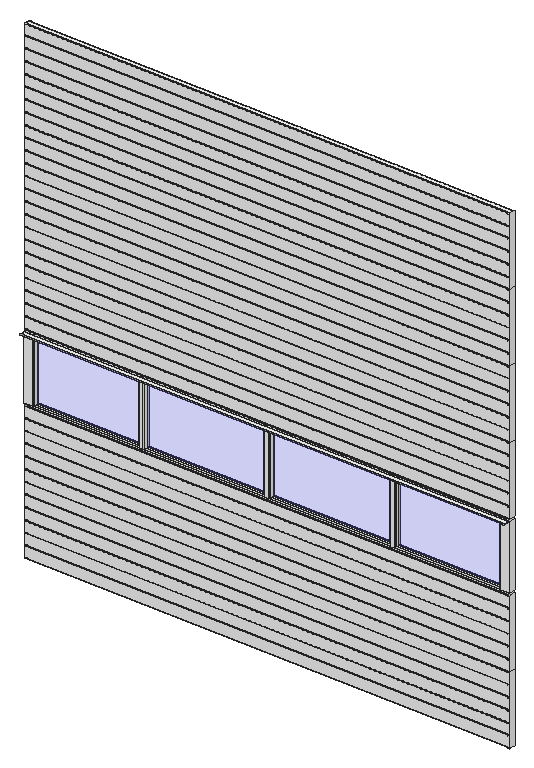
Revit family
Parameters (values of type "By Type")
  Windload = "Doors available rated for various design pressures; consult Clopay for avaialbility and specifications"
  VisSection6 = NumSections = 6  # no
  VisSection5 = NumSections > 4  # yes
  VisSection4 = NumSections > 3  # yes
  VisSection3 = NumSections > 2  # yes
  VisArray = NumSections > 6  # yes
  URL = "www.clopaydoor.com"
  Track = "Galvanized steel (gauge varies according to door size)"
  Thickness = 0' - 2"  # constant formula
  Spec Wizard = "http://www.arcat.com/specwizard/08360clo/index.htm"
  Section Height = Height / NumSections  # 2' - 0"
  Section 5 Glazing = Section : Solid
  Section 4 Glazing = Section : Solid
  Section 3 Glazing = Full Vision Section : Intermediate
  Sales Information = "http://www.clopaydoor.com/where-to-buy.aspx?type=dealer"
  Rough Width = 0' - 0"  # constant formula
  Rough Height = 0' - 0"  # constant formula
  R-Value = "15.05"
  Product Features and Benefits = "http://www.clopaydoor.com/insulated-polyurethane-applications.aspx"
  Overlapping Jamb = yes
  Overlap = if(Overlapping Jamb, 0' 1", 0' 0")  # 0' - 1"
  Opening Width = 14' - 0"
  Opening Height = 14' - 0"
  Omniclass Table = "23-30 10 17 37 "
  NumSectionsNotRounded = Height / 2' 0"  # 7
  NumSections = NumSectionsNotRounded + 0.4999  # 7
  NumArraySections = if(NumSections > 6, NumSections - 5, 2)  # 2
  Model = "3718"
  Maximum Size = "Maximum 32' 2'' wide by 26' 0'' high. Additional limitations may apply do to door weight. Consult Clopay for specificiations and shop drawings."  # constant formula
  Manufacturer Website = "http://www.clopaydoor.com"
  Manufacturer Phone Number = "1-800-526-4301"
  Manufacturer Address = "1400 W. Market St., Troy, OH 45373"
  Manufacturer = "Clopay Building Products Company"
  LEED = "http://products.construction.com/swts_content_files/151607/303186.pdf"
  Keynote = "08 36 13"
  Interior Steel = "28 ga. galvanized, primed, and finish painted"
  Hardware = "14 ga. min. steel hinges; 10-ball steel rollers"
  GreenFormat = "http://www.greenformat.com/products/1536-Polyurethane%20Insulated%20Doors.rtf"
  Function = (empty or 0)
  Height = Opening Height + Rough Width * 0  # 14' - 0"
  Wall Closure = (empty or 0)
  Width = Opening Width + Rough Width * 0  # 14' - 0"
  FloorToSection7 = 6 * Section Height  # 12' - 0"
  FloorToSection6 = 5 * Section Height  # 10' - 0"
  FloorToSection5 = 4 * Section Height  # 8' - 0"
  FloorToSection4 = 3 * Section Height  # 6' - 0"
  FloorToSection3 = 2 * Section Height  # 4' - 0"
  FloorToSection2 = Section Height  # 2' - 0"
  File Revision = "02 (August, 2012)"
  Exterior Steel = "27 ga. galvanized, primed, and finish painted"
  Double End Stiles = Door Width > 14' 2"  # no
  Door Width = Opening Width + Overlap * 2  # 14' - 2"
  Door Height = Opening Height + Rough Width * 0  # 14' - 0"
  Description = "1-3/4'' thick polyurethane insulated, stucco embossed 20 gauge steel flush exterior."
  Core Material = "Expanded polyurethane"
  Copyright = "2010, Clopay Building Products Company, Inc."
  Color = White
  CAD and Specifications = "http://www.clopaydoor.com/insulated-polyurethane-specs.aspx"
  Assembly Code = "B2030410"
Reference planes (in)
  plane 1 "Center (Front/Back)": y = 0
  plane 2 "Center (Left/Right)": x = 0
  plane 3 "Left": x = -84
  plane 4 "Right": x = 84
  plane 5 "Top": z = 168
  plane 6 "Exterior": y = 3
  plane 7 "Interior": y = -3
  plane 8: z = 120
  plane 9: z = 144
Lines and regions (in)
  Opening 1
    outline origin (-90, -3, 0) x (1, 0, 0) y (0, 0, 1)
      loop
        line (6, 0) -> (174, 0) -> (174, 168) -> (6, 168) -> (6, 0)
Text (in)
  text "Exterior" at (-74.96733, 27.31104, 0), in view "Ref. Level"
  text "Interior" at (-74.96733, -25.14366, 0), in view "Ref. Level"
  text "Exterior" at (0, 40.15149, 123.01588), in view "Right"
  text "Interior" at (0, -64.39139, 123.01588), in view "Right"
  text "Interior" at (0, -31.01599, 123.00693), in view "Left"
  text "Exterior" at (0, 54.57065, 123.00693), in view "Left"
Dimensions and locks (in)
  equal spacing: plane 3 "Left", plane 2 "Center (Left/Right)", plane 4 "Right"
  "Height": level to plane 5 "Top"
  "Width": plane 3 "Left" to plane 4 "Right"
  host wall to plane 5 "Top" = 14' - 0"
  nested 1 to plane 7 "Interior" = 0' - 0 1/2"
  "FloorToSection6": plane 8 to level
  "FloorToSection7": plane 9 to level
  group 1 to group 2 = 0' - 0"  (x2)
  group 1 to group 2 = 2' - 0"
  host wall to host wall = 67' - 6"
  aligned and locked: plane 3 "Left" to Opening 1 sketch curve
  aligned and locked: plane 5 "Top" to Opening 1 sketch curve
  aligned and locked: Opening 1 sketch curve to plane 5 "Top"
  aligned and locked: Opening 1 sketch curve to plane 4 "Right"
  aligned and locked: Opening 1 sketch curve to level
  aligned and locked: plane 6 "Exterior" to host wall
  aligned and locked: host wall to plane 7 "Interior"
  aligned and locked: plane 2 "Center (Left/Right)" to nested 2
  aligned and locked: plane 2 "Center (Left/Right)" to nested 3
  aligned and locked: plane 2 "Center (Left/Right)" to nested 4
  aligned and locked: plane 2 "Center (Left/Right)" to nested 5
  aligned and locked: plane 2 "Center (Left/Right)" to nested 7
  aligned and locked: nested 7 to plane 8
  aligned and locked: nested 8 to plane 9
  aligned and locked: plane 7 "Interior" to nested 2
  aligned and locked: plane 7 "Interior" to nested 7
  aligned and locked: host wall to nested 8
  aligned and locked: plane 7 "Interior" to nested 3
  aligned and locked: host wall to nested 3
  aligned and locked: plane 7 "Interior" to nested 1
  aligned and locked: nested 2 to host wall
  aligned and locked: plane 7 "Interior" to nested 6
  aligned and locked: plane 7 "Interior" to nested 5
  aligned and locked: host wall to nested 7
  aligned and locked: plane 7 "Interior" to nested 4
Nested families (in)
  nested 1: "Section" at (0, 0, 0), type "Solid"
  nested 2: "Section" at (0, 0, 24), built-in parameter 1001364 <- "Section Height", type "Solid"
  nested 3: "Full Vision Section" at (0, 0, 48), type <- "Section 3 Glazing", built-in parameter 1001364 <- "FloorToSection3", visible <- "VisSection3", type "Intermediate"
    with SingleStileVis no, Rail Width 14' - 1 13/16", NumIntStiles 3, Half Rail Width 7' - 0 29/32", Half Door Width 7' - 1", Glass Width 14' - 0 13/16", Edge to 1st Int Stile 3' - 5", Door Width 14' - 2", ArrayStileVis yes, ArrayIntStiles 3
  nested 4: "Section" at (0, 0, 120), built-in parameter 1001364 <- "FloorToSection6", visible <- "VisSection6", type "Solid"
  nested 5: "Section" at (0, 0, 96), built-in parameter 1001364 <- "FloorToSection5", type <- "Section 5 Glazing", visible <- "VisSection5", type "Solid"
  nested 6: "Section" at (0, 0, 72), type <- "Section 4 Glazing", built-in parameter 1001364 <- "FloorToSection4", visible <- "VisSection4", type "Solid"
  nested 7: "Section" at (0, 0, 120), visible <- "VisArray", type "Solid"
  nested 8: "Section" at (0, 0, 144), visible <- "VisArray", type "Solid"
  nested 9: "Section" at (0, 4.67704, 636.93806), type "Windows - 24x8", not visible
  nested 10: "Section" at (0, 4.63986, 609.3176), type "Windows - 24x12", not visible
Definition of nested family "Section"
  Parameters (values of type "Windows - 24x12")
    X9 = if(if(NumArrayedWindows < NumWindows, NumArrayedWindows + 1, NumWindows) < 9, X1, X8 + WindowSpacing)  # 0' - 7 1/2"
    X8 = if(if(NumArrayedWindows < NumWindows, NumArrayedWindows + 1, NumWindows) < 8, X1, X7 + WindowSpacing)  # 0' - 7 1/2"
    X7 = if(if(NumArrayedWindows < NumWindows, NumArrayedWindows + 1, NumWindows) < 7, X1, X6 + WindowSpacing)  # 0' - 7 1/2"
    X6 = if(if(NumArrayedWindows < NumWindows, NumArrayedWindows + 1, NumWindows) < 6, X1, X5 + WindowSpacing)  # 0' - 7 1/2"
    X5 = if(if(NumArrayedWindows < NumWindows, NumArrayedWindows + 1, NumWindows) < 5, X1, X4 + WindowSpacing)  # 0' - 7 1/2"
    X4 = if(if(NumArrayedWindows < NumWindows, NumArrayedWindows + 1, NumWindows) < 4, X1, X3 + WindowSpacing)  # 11' - 7 1/2"
    X3 = if(NumWindows < 3, X1, X2 + WindowSpacing)  # 7' - 11 1/2"
    X2 = if(NumWindows < 2, ((Door Width - (NumWindows - 1) * WindowSpacing) / 2 - Cutout Width / 2), ((Door Width - (NumWindows - 1) * WindowSpacing) / 2 - Cutout Width / 2) + WindowSpacing)  # 4' - 3 1/2"
    Windows = 37xx Window Array : 24x12
    WindowVis = yes
    WindowSpacing = if(and(Door Width < 10' 0", Door Width > 9' 2"), 3' 4", 3' 8")  # 3' - 8"
    WindowCutDepth = 0' - 2"
    Section Height = 2' - 0"
    RibSpacing = Section Height / (NumRibs + 1)  # 0' - 4"
    NumWindows = if(Door Width < 9' 4", 2, if(Door Width < 13' 4", 3, if(Door Width < 16' 4", 4, if(Door Width < 20' 4", 5, if(Door Width < 24' 4", 6, if(Door Width < 26' 4", 7, if(Door Width < 31' 8", 8, 10)))))))  # 4
    NumRibs = if(Section Height < 1' 9", 3, if(Section Height < 2' 0", 4, 5))  # 5
    NumArrayedWindows = if(X2 = X1, NumWindows - 2, NumWindows)  # 4
    Half Section Height = Section Height / 2  # 1' - 0"
    Half Door Width Neg = -Half Door Width  # -7' - 1"
    Half Door Width = Door Width / 2  # 7' - 1"
    Half Cutout Height = Cutout Height / 2  # 0' - 5 1/2"
    Function = (empty or 0)
    Height = 0' - 0"
    Wall Closure = (empty or 0)
    Width = 0' - 0"
    X1 = if(or(Door Width > 31' 6", and(Door Width > 26' 2", Door Width < 28' 1"), Door Width = 24' 3", Door Width = 24' 4", and(Door Width > 20' 2", Door Width < 20' 11"), and(Door Width > 16' 2", Door Width < 17' 3")), X2, (Door Width - (NumWindows - 1) * WindowSpacing) / 2 - Cutout Width / 2)  # 0' - 7 1/2"
    Door Width = 14' - 2"
    CutoutToCutout = 1' - 0"
    Cutout Width = 1' - 11"
    Cutout Height = 0' - 11"
    Color = White
    BtmTo1stRib = RibSpacing  # 0' - 4"
    Assembly Code = ""
  Types (3): name | Windows | WindowVis | WindowCutDepth | Half Cutout Height | Cutout Height
    Windows - 24x12 | 37xx Window Array : 24x12 | yes | 0' - 2" | 0' - 5 1/2" | 0' - 11"
    Windows - 24x8 | 37xx Window Array : 24x8 | yes | 0' - 2" | 0' - 3 1/2" | 0' - 7"
    Solid | 37xx Window Array : 24x8 | no | -0' - 0 13/128" | 0' - 3 1/2" | 0' - 7"
  Reference planes (in)
    plane 1 "Center (Front/Back)": y = 0
    plane 2 "Center (Left/Right)": x = 0
    plane 3 "Exterior": y = 3
    plane 4 "Interior": y = -3
    plane 5: y = -3.5
    plane 6: x = 85
    plane 7: x = -85
    plane 8: z = 4
    plane 9: z = 8
    plane 10: z = 24
    plane 11: z = 12
    plane 12: z = 0
  Forms (in)
    Extrusion 1, solid, material "White" <- "Color"
      sketch origin (-85, -12, 83.08252) x (0, 0, 1) y (0, -1, 0)
        loop
          line (-59.08252, -8.37573) -> (-59.08252, -6.62444)
          arc (-59.08252, -6.62444) -> (-59.11897, -6.53645) -> (-59.20696, -6.5) r 0.12444
          line (-59.20696, -6.5) -> (-82.95809, -6.5)
          arc (-82.95809, -6.5) -> (-83.04608, -6.53645) -> (-83.08252, -6.62444) r 0.12444
          line (-83.08252, -6.62444) -> (-83.08252, -8.37573)
          arc (-83.08252, -8.37573) -> (-83.04612, -8.4636) -> (-82.95825, -8.5) r 0.12427
          line (-82.95825, -8.5) -> (-59.20679, -8.5)
          arc (-59.20679, -8.5) -> (-59.11892, -8.4636) -> (-59.08252, -8.37573) r 0.12427
      from 0 to 170 <- "Door Width"
    Extrusion 2, void
      sketch origin (0, -8.99984, -0.5) x (0, 1, 0) y (0, 0, -1)
        loop
          line (3.5, -4.62727) -> (3.53032, -4.58058)
          arc (3.53032, -4.58058) -> (3.53753, -4.56494) -> (3.54, -4.5479) r 0.06
          line (3.54, -4.5479) -> (3.54, -4.4521)
          arc (3.54, -4.4521) -> (3.53753, -4.43506) -> (3.53032, -4.41942) r 0.06
          line (3.53032, -4.41942) -> (3.5, -4.37273) -> (3.5, -4.62727)
      from -85 <- "Half Door Width Neg" to 170 <- "Door Width"
    Extrusion 3, void
      sketch origin (0, -8.99984, 3.5) x (0, 1, 0) y (0, 0, -1)
        loop
          line (3.5, -4.62727) -> (3.53032, -4.58058)
          arc (3.53032, -4.58058) -> (3.53753, -4.56494) -> (3.54, -4.5479) r 0.06
          line (3.54, -4.5479) -> (3.54, -4.4521)
          arc (3.54, -4.4521) -> (3.53753, -4.43506) -> (3.53032, -4.41942) r 0.06
          line (3.53032, -4.41942) -> (3.5, -4.37273) -> (3.5, -4.62727)
      from -85 <- "Half Door Width Neg" to 170 <- "Door Width"
    Extrusion 4, void
      sketch origin (0, -8.99984, 7.5) x (0, 1, 0) y (0, 0, -1)
        loop
          line (3.5, -4.62727) -> (3.53032, -4.58058)
          arc (3.53032, -4.58058) -> (3.53753, -4.56494) -> (3.54, -4.5479) r 0.06
          line (3.54, -4.5479) -> (3.54, -4.4521)
          arc (3.54, -4.4521) -> (3.53753, -4.43506) -> (3.53032, -4.41942) r 0.06
          line (3.53032, -4.41942) -> (3.5, -4.37273) -> (3.5, -4.62727)
      from -85 <- "Half Door Width Neg" to 170 <- "Door Width"
    Extrusion 5, void
      sketch origin (-98.15385, -3.5, 48) x (1, 0, 0) y (0, 0, 1)
        loop
          line (175.65385, -30.5) -> (152.65385, -30.5) -> (152.65385, -36) -> (175.65385, -36) -> (175.65385, -30.5)
      from 0 to 2 <- "WindowCutDepth"
    Extrusion 6, void
      sketch origin (-98.15385, -3.5, -24) x (1, 0, 0) y (0, 0, 1)
        loop
          line (175.65385, 30.5) -> (175.65385, 36) -> (152.65385, 36) -> (152.65385, 30.5) -> (175.65385, 30.5)
      from 0 to 2 <- "WindowCutDepth"
    Extrusion 7, void
      sketch origin (-136.15385, -3.5, 48) x (1, 0, 0) y (0, 0, 1)
        loop
          line (169.65385, -30.5) -> (146.65385, -30.5) -> (146.65385, -36) -> (169.65385, -36) -> (169.65385, -30.5)
      from 0 to 2 <- "WindowCutDepth"
    Extrusion 8, void
      sketch origin (-136.15385, -3.5, -24) x (1, 0, 0) y (0, 0, 1)
        loop
          line (169.65385, 30.5) -> (169.65385, 36) -> (146.65385, 36) -> (146.65385, 30.5) -> (169.65385, 30.5)
      from 0 to 2 <- "WindowCutDepth"
    Extrusion 9, void
      sketch origin (-171.15385, -3.5, 48) x (1, 0, 0) y (0, 0, 1)
        loop
          line (160.65385, -30.5) -> (137.65385, -30.5) -> (137.65385, -36) -> (160.65385, -36) -> (160.65385, -30.5)
      from 0 to 2 <- "WindowCutDepth"
    Extrusion 10, void
      sketch origin (-171.15385, -3.5, -24) x (1, 0, 0) y (0, 0, 1)
        loop
          line (160.65385, 30.5) -> (160.65385, 36) -> (137.65385, 36) -> (137.65385, 30.5) -> (160.65385, 30.5)
      from 0 to 2 <- "WindowCutDepth"
    Extrusion 11, void
      sketch origin (-214.15385, -3.5, 48) x (1, 0, 0) y (0, 0, 1)
        loop
          line (159.65385, -30.5) -> (136.65385, -30.5) -> (136.65385, -36) -> (159.65385, -36) -> (159.65385, -30.5)
      from 0 to 2 <- "WindowCutDepth"
    Extrusion 12, void
      sketch origin (-214.15385, -3.5, -24) x (1, 0, 0) y (0, 0, 1)
        loop
          line (159.65385, 30.5) -> (159.65385, 36) -> (136.65385, 36) -> (136.65385, 30.5) -> (159.65385, 30.5)
      from 0 to 2 <- "WindowCutDepth"
    Extrusion 13, void
      sketch origin (-256.15385, -3.5, 48) x (1, 0, 0) y (0, 0, 1)
        loop
          line (333.65385, -30.5) -> (310.65385, -30.5) -> (310.65385, -36) -> (333.65385, -36) -> (333.65385, -30.5)
      from 0 to 2 <- "WindowCutDepth"
    Extrusion 14, void
      sketch origin (-256.15385, -3.5, -24) x (1, 0, 0) y (0, 0, 1)
        loop
          line (333.65385, 30.5) -> (333.65385, 36) -> (310.65385, 36) -> (310.65385, 30.5) -> (333.65385, 30.5)
      from 0 to 2 <- "WindowCutDepth"
    Extrusion 15, void
      sketch origin (-294.15385, -3.5, 48) x (1, 0, 0) y (0, 0, 1)
        loop
          line (371.65385, -30.5) -> (348.65385, -30.5) -> (348.65385, -36) -> (371.65385, -36) -> (371.65385, -30.5)
      from 0 to 2 <- "WindowCutDepth"
    Extrusion 16, void
      sketch origin (-294.15385, -3.5, -24) x (1, 0, 0) y (0, 0, 1)
        loop
          line (371.65385, 30.5) -> (371.65385, 36) -> (348.65385, 36) -> (348.65385, 30.5) -> (371.65385, 30.5)
      from 0 to 2 <- "WindowCutDepth"
    Extrusion 17, void
      sketch origin (-331.15385, -3.5, 48) x (1, 0, 0) y (0, 0, 1)
        loop
          line (408.65385, -30.5) -> (385.65385, -30.5) -> (385.65385, -36) -> (408.65385, -36) -> (408.65385, -30.5)
      from 0 to 2 <- "WindowCutDepth"
    Extrusion 18, void
      sketch origin (-331.15385, -3.5, -24) x (1, 0, 0) y (0, 0, 1)
        loop
          line (408.65385, 30.5) -> (408.65385, 36) -> (385.65385, 36) -> (385.65385, 30.5) -> (408.65385, 30.5)
      from 0 to 2 <- "WindowCutDepth"
    Extrusion 19, void
      sketch origin (-368.15385, -3.5, 48) x (1, 0, 0) y (0, 0, 1)
        loop
          line (445.65385, -30.5) -> (422.65385, -30.5) -> (422.65385, -36) -> (445.65385, -36) -> (445.65385, -30.5)
      from 0 to 2 <- "WindowCutDepth"
    Extrusion 20, void
      sketch origin (-368.15385, -3.5, -24) x (1, 0, 0) y (0, 0, 1)
        loop
          line (445.65385, 30.5) -> (445.65385, 36) -> (422.65385, 36) -> (422.65385, 30.5) -> (445.65385, 30.5)
      from 0 to 2 <- "WindowCutDepth"
    Extrusion 21, void
      sketch origin (-407.15385, -3.5, 48) x (1, 0, 0) y (0, 0, 1)
        loop
          line (484.65385, -30.5) -> (461.65385, -30.5) -> (461.65385, -36) -> (484.65385, -36) -> (484.65385, -30.5)
      from 0 to 2 <- "WindowCutDepth"
    Extrusion 22, void
      sketch origin (-407.15385, -3.5, -24) x (1, 0, 0) y (0, 0, 1)
        loop
          line (484.65385, 30.5) -> (484.65385, 36) -> (461.65385, 36) -> (461.65385, 30.5) -> (484.65385, 30.5)
      from 0 to 2 <- "WindowCutDepth"
    Extrusion 23, void
      sketch origin (0, -8.99984, 11.5) x (0, 1, 0) y (0, 0, -1)
        loop
          line (3.5, -4.62727) -> (3.53032, -4.58058)
          arc (3.53032, -4.58058) -> (3.53753, -4.56494) -> (3.54, -4.5479) r 0.06
          line (3.54, -4.5479) -> (3.54, -4.4521)
          arc (3.54, -4.4521) -> (3.53753, -4.43506) -> (3.53032, -4.41942) r 0.06
          line (3.53032, -4.41942) -> (3.5, -4.37273) -> (3.5, -4.62727)
      from -85 <- "Half Door Width Neg" to 170 <- "Door Width"
    Extrusion 24, void
      sketch origin (0, -8.99984, 15.5) x (0, 1, 0) y (0, 0, -1)
        loop
          line (3.5, -4.62727) -> (3.53032, -4.58058)
          arc (3.53032, -4.58058) -> (3.53753, -4.56494) -> (3.54, -4.5479) r 0.06
          line (3.54, -4.5479) -> (3.54, -4.4521)
          arc (3.54, -4.4521) -> (3.53753, -4.43506) -> (3.53032, -4.41942) r 0.06
          line (3.53032, -4.41942) -> (3.5, -4.37273) -> (3.5, -4.62727)
      from -85 <- "Half Door Width Neg" to 170 <- "Door Width"
  Cuts and joins
    Extrusion 2, Extrusion 3, Extrusion 4, Extrusion 5, Extrusion 6, Extrusion 7, Extrusion 8, Extrusion 9, Extrusion 10, Extrusion 11, Extrusion 12, Extrusion 13, Extrusion 14, Extrusion 15, Extrusion 16, Extrusion 17, Extrusion 18, Extrusion 19, Extrusion 20, Extrusion 21, Extrusion 22, Extrusion 23, Extrusion 24 cuts Extrusion 1
  Lines and regions (in)
    reference lines
      curve 1: line (-72, -3.54, 4) -> (-72, -3.5, 4)
      curve 2: line (-72, -5.45984, 4) -> (-72, -5.49984, 4)
      curve 3: line (-72, -3.54, 8) -> (-72, -3.5, 8)
      curve 4: line (-72, -3.54, 12) -> (-72, -3.5, 12)
      curve 5: line (-72, -5.45984, 4) -> (-72, -5.49984, 4)
      curve 6: line (-72, -5.45984, 8) -> (-72, -5.49984, 8)
      curve 7: line (-72, -5.45984, 12) -> (-72, -5.49984, 12)
      curve 8: line (-72, -3.54, 16) -> (-72, -3.5, 16)
      curve 9: line (-72, -5.45984, 16) -> (-72, -5.49984, 16)
      curve 10: line (-72, -3.54, 20) -> (-72, -3.5, 20)
      curve 11: line (-72, -5.45984, 20) -> (-72, -5.49984, 20)
  Text (in)
    text "Exterior" at (-74.96733, 27.31104, 0), in view "Ref. Level"
    text "Interior" at (-74.96733, -25.14366, 0), in view "Ref. Level"
    text "Exterior" at (0, 40.15149, 123.01588), in view "Right"
    text "Interior" at (0, -64.39139, 123.01588), in view "Right"
    text "Interior" at (0, -31.01599, 123.00693), in view "Left"
    text "Exterior" at (0, 54.57065, 123.00693), in view "Left"
  Dimensions and locks (in)
    plane 4 "Interior" to plane 5 = 0' - 0 1/2"
    "Half Door Width": plane 2 "Center (Left/Right)" to plane 7
    "Half Door Width": plane 6 to plane 2 "Center (Left/Right)"
    Extrusion 1 sketch curve to Extrusion 1 sketch curve = 0' - 2"
    "BtmTo1stRib": plane 8 to level
    "RibSpacing": plane 9 to plane 8
    "Section Height": plane 10 to level
    equal spacing: group 1, group 2, group 3, group 4, group 5  (x3)
    Extrusion 2 sketch curve to Extrusion 2 sketch curve = 0' - 0.25454"
    Extrusion 2 sketch curve to Extrusion 2 sketch curve = 0' - 0.04"  (x2)
    Extrusion 2 sketch curve to curve 5 = 0' - 0.12727"
    Extrusion 3 sketch curve to Extrusion 3 sketch curve = 0' - 0.25454"
    Extrusion 3 sketch curve to Extrusion 3 sketch curve = 0' - 0.04"  (x2)
    Extrusion 3 sketch curve to curve 6 = 0' - 0.12727"
    Extrusion 4 sketch curve to Extrusion 4 sketch curve = 0' - 0.25454"
    Extrusion 4 sketch curve to Extrusion 4 sketch curve = 0' - 0.04"  (x2)
    Extrusion 4 sketch curve to curve 7 = 0' - 0.12727"
    "Half Section Height": level to plane 11
    "Cutout Width": Extrusion 5 sketch curve to Extrusion 5 sketch curve
    "Half Cutout Height": Extrusion 5 sketch curve to Extrusion 5 sketch curve
    "Cutout Width": Extrusion 6 sketch curve to Extrusion 6 sketch curve
    "Half Cutout Height": Extrusion 6 sketch curve to Extrusion 6 sketch curve
    "X1": cut or joined group 1 (Extrusion 1, Extrusion 2, Extrusion 3, Extrusion 4, Extrusion 5, Extrusion 6, Extrusion 7, Extrusion 8, Extrusion 9, Extrusion 10, Extrusion 11, Extrusion 12, Extrusion 13, Extrusion 14, Extrusion 15, Extrusion 16, Extrusion 17, Extrusion 18, Extrusion 19, Extrusion 20, Extrusion 21, Extrusion 22, Extrusion 23, Extrusion 24) to cut or joined group 1
    "Cutout Width": Extrusion 7 sketch curve to Extrusion 7 sketch curve
    "Half Cutout Height": Extrusion 7 sketch curve to Extrusion 7 sketch curve
    "Cutout Width": Extrusion 8 sketch curve to Extrusion 8 sketch curve
    "Half Cutout Height": Extrusion 8 sketch curve to Extrusion 8 sketch curve
    "Cutout Width": Extrusion 9 sketch curve to Extrusion 9 sketch curve
    "Half Cutout Height": Extrusion 9 sketch curve to Extrusion 9 sketch curve
    "Cutout Width": Extrusion 10 sketch curve to Extrusion 10 sketch curve
    "Half Cutout Height": Extrusion 10 sketch curve to Extrusion 10 sketch curve
    "X2": plane 6 to cut or joined group 1
    "X3": plane 6 to cut or joined group 1
    "Cutout Width": Extrusion 11 sketch curve to Extrusion 11 sketch curve
    "Half Cutout Height": Extrusion 11 sketch curve to Extrusion 11 sketch curve
    "Cutout Width": Extrusion 12 sketch curve to Extrusion 12 sketch curve
    "Half Cutout Height": Extrusion 12 sketch curve to Extrusion 12 sketch curve
    "Cutout Width": Extrusion 13 sketch curve to Extrusion 13 sketch curve
    "Half Cutout Height": Extrusion 13 sketch curve to Extrusion 13 sketch curve
    "Cutout Width": Extrusion 14 sketch curve to Extrusion 14 sketch curve
    "Half Cutout Height": Extrusion 14 sketch curve to Extrusion 14 sketch curve
    "Cutout Width": Extrusion 15 sketch curve to Extrusion 15 sketch curve
    "Half Cutout Height": Extrusion 15 sketch curve to Extrusion 15 sketch curve
    "Cutout Width": Extrusion 16 sketch curve to Extrusion 16 sketch curve
    "Half Cutout Height": Extrusion 16 sketch curve to Extrusion 16 sketch curve
    "Cutout Width": Extrusion 17 sketch curve to Extrusion 17 sketch curve
    "Half Cutout Height": Extrusion 17 sketch curve to Extrusion 17 sketch curve
    "Cutout Width": Extrusion 18 sketch curve to Extrusion 18 sketch curve
    "Half Cutout Height": Extrusion 18 sketch curve to Extrusion 18 sketch curve
    "Cutout Width": Extrusion 19 sketch curve to Extrusion 19 sketch curve
    "Half Cutout Height": Extrusion 19 sketch curve to Extrusion 19 sketch curve
    "Cutout Width": Extrusion 20 sketch curve to Extrusion 20 sketch curve
    "Half Cutout Height": Extrusion 20 sketch curve to Extrusion 20 sketch curve
    "Cutout Width": Extrusion 21 sketch curve to Extrusion 21 sketch curve
    "Half Cutout Height": Extrusion 21 sketch curve to Extrusion 21 sketch curve
    "Cutout Width": Extrusion 22 sketch curve to Extrusion 22 sketch curve
    "Half Cutout Height": Extrusion 22 sketch curve to Extrusion 22 sketch curve
    "X4": plane 6 to cut or joined group 1
    "X5": plane 6 to cut or joined group 1
    "X6": plane 6 to cut or joined group 1
    "X7": plane 6 to cut or joined group 1
    "X8": plane 6 to cut or joined group 1
    "X9": plane 6 to cut or joined group 1
    locked: nested 1 to cut or joined group 1 at 1  (x2)
    locked: nested 1 to cut or joined group 1 at 0.125
    Extrusion 23 sketch curve to Extrusion 23 sketch curve = 0' - 0.25454"
    Extrusion 23 sketch curve to Extrusion 23 sketch curve = 0' - 0.04"  (x2)
    Extrusion 23 sketch curve to curve 9 = 0' - 0.12727"
    Extrusion 24 sketch curve to Extrusion 24 sketch curve = 0' - 0.25454"
    Extrusion 24 sketch curve to Extrusion 24 sketch curve = 0' - 0.04"  (x2)
    Extrusion 24 sketch curve to curve 11 = 0' - 0.12727"
    locked: plane 4 "Interior" to cut or joined group 1 at 0.5
    radius of Extrusion 1 sketch curve = 0' - 0.12427"  (x2)
    radius of Extrusion 1 sketch curve = 0' - 0.12444"  (x2)
    angle Extrusion 2 sketch curve to Extrusion 2 sketch curve = 147.00°  (x2)
    angle Extrusion 3 sketch curve to Extrusion 3 sketch curve = 147.00°  (x2)
    angle Extrusion 4 sketch curve to Extrusion 4 sketch curve = 147.00°  (x2)
    angle Extrusion 23 sketch curve to Extrusion 23 sketch curve = 147.00°  (x2)
    angle Extrusion 24 sketch curve to Extrusion 24 sketch curve = 147.00°  (x2)
    aligned and locked: Extrusion 1 sketch curve to plane 5
    aligned and locked: plane 8 to curve 1
    aligned and locked: plane 9 to curve 3
    aligned and locked: Extrusion 5 sketch curve to plane 11
    aligned and locked: plane 11 to Extrusion 6 sketch curve
    aligned and locked: cut or joined group 1 to cut or joined group 1  (x9)
    aligned and locked: plane 12 to level
  Automatic sketch dimensions
    curve 2 to curve 1 = 0' - 1.91984"
    curve 1 to curve 1 = 0' - 0.04"  (x2)
    curve 1 to curve 2 = 0' - 1.91984"
    curve 2 to curve 2 = 0' - 0.04"  (x2)
    curve 5 to curve 1 = 0' - 0"
    curve 1 to curve 5 = 0' - 1.91984"
    curve 5 to curve 5 = 0' - 0.04"
    Extrusion 2 sketch curve to Extrusion 2 sketch curve = 0' - 0"
    Extrusion 2 sketch curve to Extrusion 2 sketch curve = 0' - 0.02"
    Extrusion 2 sketch curve to Extrusion 2 sketch curve = 0' - 0.00968"  (x2)
    curve 6 to curve 3 = 0' - 0"
    curve 3 to curve 3 = 0' - 0.04"
    curve 3 to curve 6 = 0' - 1.91984"
    curve 6 to curve 6 = 0' - 0.04"
    curve 7 to curve 4 = 0' - 0"
    curve 4 to curve 4 = 0' - 0.04"
    curve 4 to curve 7 = 0' - 1.91984"
    curve 7 to curve 7 = 0' - 0.04"
    Extrusion 4 sketch curve to Extrusion 4 sketch curve = 0' - 0.00968"
    Extrusion 3 sketch curve to Extrusion 3 sketch curve = 0' - 0.00968"
    curve 2 to plane 8 = 0' - 0"
    curve 2 to plane 5 = 0' - 1.95984"
    Extrusion 5 sketch curve to plane 6 = 2' - 6 1/2"
    Extrusion 6 sketch curve to plane 6 = 2' - 6 1/2"
    Extrusion 7 sketch curve to plane 11 = 0' - 0"
    Extrusion 7 sketch curve to plane 6 = 6' - 2 1/2"
    Extrusion 8 sketch curve to plane 11 = 0' - 0"
    Extrusion 8 sketch curve to plane 6 = 6' - 2 1/2"
    Extrusion 9 sketch curve to plane 11 = 0' - 0"
    Extrusion 9 sketch curve to plane 6 = 9' - 10 1/2"
    Extrusion 10 sketch curve to plane 11 = 0' - 0"
    Extrusion 10 sketch curve to plane 6 = 9' - 10 1/2"
    Extrusion 11 sketch curve to plane 11 = 0' - 0"
    Extrusion 11 sketch curve to plane 2 "Center (Left/Right)" = 6' - 5 1/2"
    Extrusion 12 sketch curve to plane 11 = 0' - 0"
    Extrusion 12 sketch curve to plane 2 "Center (Left/Right)" = 6' - 5 1/2"
    Extrusion 13 sketch curve to plane 11 = 0' - 0"
    plane 2 "Center (Left/Right)" to Extrusion 13 sketch curve = 4' - 6 1/2"
    Extrusion 14 sketch curve to plane 11 = 0' - 0"
    plane 2 "Center (Left/Right)" to Extrusion 14 sketch curve = 4' - 6 1/2"
    Extrusion 15 sketch curve to plane 11 = 0' - 0"
    plane 2 "Center (Left/Right)" to Extrusion 15 sketch curve = 4' - 6 1/2"
    Extrusion 16 sketch curve to plane 11 = 0' - 0"
    plane 2 "Center (Left/Right)" to Extrusion 16 sketch curve = 4' - 6 1/2"
    Extrusion 17 sketch curve to plane 11 = 0' - 0"
    plane 2 "Center (Left/Right)" to Extrusion 17 sketch curve = 4' - 6 1/2"
    Extrusion 18 sketch curve to plane 11 = 0' - 0"
    plane 2 "Center (Left/Right)" to Extrusion 18 sketch curve = 4' - 6 1/2"
    Extrusion 19 sketch curve to plane 11 = 0' - 0"
    plane 7 to Extrusion 19 sketch curve = 11' - 7 1/2"
    Extrusion 20 sketch curve to plane 11 = 0' - 0"
    plane 7 to Extrusion 20 sketch curve = 11' - 7 1/2"
    Extrusion 21 sketch curve to plane 11 = 0' - 0"
    plane 7 to Extrusion 21 sketch curve = 11' - 7 1/2"
    Extrusion 22 sketch curve to plane 11 = 0' - 0"
    plane 7 to Extrusion 22 sketch curve = 11' - 7 1/2"
    Extrusion 1 sketch curve to plane 10 = 0' - 0"
    Extrusion 1 sketch curve to level = 0' - 0"
    curve 9 to curve 8 = 0' - 0"
    curve 8 to curve 8 = 0' - 0.04"
    curve 8 to curve 9 = 0' - 1.91984"
    curve 9 to curve 9 = 0' - 0.04"
    Extrusion 23 sketch curve to Extrusion 23 sketch curve = 0' - 0"
    Extrusion 23 sketch curve to Extrusion 23 sketch curve = 0' - 0.02"
    Extrusion 23 sketch curve to Extrusion 23 sketch curve = 0' - 0.00968"  (x2)
    curve 11 to curve 10 = 0' - 0"
    curve 10 to curve 10 = 0' - 0.04"
    curve 10 to curve 11 = 0' - 1.91984"
    curve 11 to curve 11 = 0' - 0.04"
    Extrusion 24 sketch curve to Extrusion 24 sketch curve = 0' - 0"
    Extrusion 24 sketch curve to Extrusion 24 sketch curve = 0' - 0.02"
    Extrusion 24 sketch curve to Extrusion 24 sketch curve = 0' - 0.00968"  (x2)
  Nested families (in)
    nested 1: "37xx Window Array" at (66, -3.375, 7.5) x (-1, 0, 0) z (0, 0, 1), type <- "Windows", visible <- "WindowVis", type "24x12"
      with NumWindows 4
  Definition of nested family "37xx Window Array"
    Parameters (values of type "24x8")
      Window Spacing = 3' - 8"
      NumWindows = 3
      Frame Width = 2' - 1"
      Frame Height = 0' - 9"
      Color = White
      Assembly Code = ""
    Types (2): name | Frame Height | Color
      24x8 | 0' - 9" | White
      24x12 | 1' - 1" | none
    Reference planes (in)
      plane 1 "Center (Front/Back)": y = 0
      plane 2: z = 0
      plane 3 "Center (Left/Right)": x = 0
      plane 4: y = -1
    Forms (in)
      Extrusion 1, solid, material "White" <- "Color"
        sketch origin (-1.38592, 0, 0) x (1, 0, 0) y (0, 0, 1)
          loop
            line (-8.86408, 1.625) -> (11.63592, 1.625)
            arc (11.63592, 1.625) -> (12.07786, 1.80806) -> (12.26092, 2.25) r 0.625
            line (12.26092, 2.25) -> (12.26092, 6.75)
            arc (12.26092, 6.75) -> (12.07786, 7.19194) -> (11.63592, 7.375) r 0.625
            line (11.63592, 7.375) -> (-8.86408, 7.375)
            arc (-8.86408, 7.375) -> (-9.30602, 7.19194) -> (-9.48908, 6.75) r 0.625
            line (-9.48908, 6.75) -> (-9.48908, 2.25)
            arc (-9.48908, 2.25) -> (-9.30602, 1.80806) -> (-8.86408, 1.625) r 0.625
          loop
            line (-10.48908, 0) -> (13.26092, 0)
            arc (13.26092, 0) -> (13.70286, 0.18306) -> (13.88592, 0.625) r 0.625
            line (13.88592, 0.625) -> (13.88592, 8.375)
            arc (13.88592, 8.375) -> (13.70286, 8.81694) -> (13.26092, 9) r 0.625
            line (13.26092, 9) -> (-10.48908, 9)
            arc (-10.48908, 9) -> (-10.93102, 8.81694) -> (-11.11408, 8.375) r 0.625
            line (-11.11408, 8.375) -> (-11.11408, 0.625)
            arc (-11.11408, 0.625) -> (-10.93102, 0.18306) -> (-10.48908, 0) r 0.625
        from 0 to 2.25
      Extrusion 2, solid, material "Glass"
        sketch origin (0, -1, 15.9844) x (0, 0, 1) y (-1, 0, 0)
          loop
            arc (-8.6094, 10.25) -> (-8.79246, 10.69194) -> (-9.2344, 10.875) r 0.625
            line (-9.2344, 10.875) -> (-13.7344, 10.875)
            arc (-13.7344, 10.875) -> (-14.17634, 10.69194) -> (-14.3594, 10.25) r 0.625
            line (-14.3594, 10.25) -> (-14.3594, -10.25)
            arc (-14.3594, -10.25) -> (-14.17634, -10.69194) -> (-13.7344, -10.875) r 0.625
            line (-13.7344, -10.875) -> (-9.2344, -10.875)
            arc (-9.2344, -10.875) -> (-8.79246, -10.69194) -> (-8.6094, -10.25) r 0.625
            line (-8.6094, -10.25) -> (-8.6094, 10.25)
        from 0 to 0.25
      Extrusion 3, solid, material "White" <- "Color"
        sketch origin (42.61408, 0, 0) x (1, 0, 0) y (0, 0, 1)
          loop
            line (-8.86408, 1.625) -> (11.63592, 1.625)
            arc (11.63592, 1.625) -> (12.07786, 1.80806) -> (12.26092, 2.25) r 0.625
            line (12.26092, 2.25) -> (12.26092, 6.75)
            arc (12.26092, 6.75) -> (12.07786, 7.19194) -> (11.63592, 7.375) r 0.625
            line (11.63592, 7.375) -> (-8.86408, 7.375)
            arc (-8.86408, 7.375) -> (-9.30602, 7.19194) -> (-9.48908, 6.75) r 0.625
            line (-9.48908, 6.75) -> (-9.48908, 2.25)
            arc (-9.48908, 2.25) -> (-9.30602, 1.80806) -> (-8.86408, 1.625) r 0.625
          loop
            line (-10.48908, 0) -> (13.26092, 0)
            arc (13.26092, 0) -> (13.70286, 0.18306) -> (13.88592, 0.625) r 0.625
            line (13.88592, 0.625) -> (13.88592, 8.375)
            arc (13.88592, 8.375) -> (13.70286, 8.81694) -> (13.26092, 9) r 0.625
            line (13.26092, 9) -> (-10.48908, 9)
            arc (-10.48908, 9) -> (-10.93102, 8.81694) -> (-11.11408, 8.375) r 0.625
            line (-11.11408, 8.375) -> (-11.11408, 0.625)
            arc (-11.11408, 0.625) -> (-10.93102, 0.18306) -> (-10.48908, 0) r 0.625
        from 0 to 2.25
      Extrusion 4, solid, material "Glass"
        sketch origin (44, -1, 15.9844) x (0, 0, 1) y (-1, 0, 0)
          loop
            arc (-8.6094, 10.25) -> (-8.79246, 10.69194) -> (-9.2344, 10.875) r 0.625
            line (-9.2344, 10.875) -> (-13.7344, 10.875)
            arc (-13.7344, 10.875) -> (-14.17634, 10.69194) -> (-14.3594, 10.25) r 0.625
            line (-14.3594, 10.25) -> (-14.3594, -10.25)
            arc (-14.3594, -10.25) -> (-14.17634, -10.69194) -> (-13.7344, -10.875) r 0.625
            line (-13.7344, -10.875) -> (-9.2344, -10.875)
            arc (-9.2344, -10.875) -> (-8.79246, -10.69194) -> (-8.6094, -10.25) r 0.625
            line (-8.6094, -10.25) -> (-8.6094, 10.25)
        from 0 to 0.25
      Extrusion 5, solid, material "White" <- "Color"
        sketch origin (86.61408, 0, 0) x (1, 0, 0) y (0, 0, 1)
          loop
            line (-8.86408, 1.625) -> (11.63592, 1.625)
            arc (11.63592, 1.625) -> (12.07786, 1.80806) -> (12.26092, 2.25) r 0.625
            line (12.26092, 2.25) -> (12.26092, 6.75)
            arc (12.26092, 6.75) -> (12.07786, 7.19194) -> (11.63592, 7.375) r 0.625
            line (11.63592, 7.375) -> (-8.86408, 7.375)
            arc (-8.86408, 7.375) -> (-9.30602, 7.19194) -> (-9.48908, 6.75) r 0.625
            line (-9.48908, 6.75) -> (-9.48908, 2.25)
            arc (-9.48908, 2.25) -> (-9.30602, 1.80806) -> (-8.86408, 1.625) r 0.625
          loop
            line (-10.48908, 0) -> (13.26092, 0)
            arc (13.26092, 0) -> (13.70286, 0.18306) -> (13.88592, 0.625) r 0.625
            line (13.88592, 0.625) -> (13.88592, 8.375)
            arc (13.88592, 8.375) -> (13.70286, 8.81694) -> (13.26092, 9) r 0.625
            line (13.26092, 9) -> (-10.48908, 9)
            arc (-10.48908, 9) -> (-10.93102, 8.81694) -> (-11.11408, 8.375) r 0.625
            line (-11.11408, 8.375) -> (-11.11408, 0.625)
            arc (-11.11408, 0.625) -> (-10.93102, 0.18306) -> (-10.48908, 0) r 0.625
        from 0 to 2.25
      Extrusion 6, solid, material "Glass"
        sketch origin (88, -1, 15.9844) x (0, 0, 1) y (-1, 0, 0)
          loop
            arc (-8.6094, 10.25) -> (-8.79246, 10.69194) -> (-9.2344, 10.875) r 0.625
            line (-9.2344, 10.875) -> (-13.7344, 10.875)
            arc (-13.7344, 10.875) -> (-14.17634, 10.69194) -> (-14.3594, 10.25) r 0.625
            line (-14.3594, 10.25) -> (-14.3594, -10.25)
            arc (-14.3594, -10.25) -> (-14.17634, -10.69194) -> (-13.7344, -10.875) r 0.625
            line (-13.7344, -10.875) -> (-9.2344, -10.875)
            arc (-9.2344, -10.875) -> (-8.79246, -10.69194) -> (-8.6094, -10.25) r 0.625
            line (-8.6094, -10.25) -> (-8.6094, 10.25)
        from 0 to 0.25
    Dimensions and locks (in)
      locked: Extrusion 1 sketch curve to Extrusion 1 sketch curve at 1.625  (x4)
      "Frame Height": Extrusion 1 sketch curve to Extrusion 1 sketch curve
      "Frame Width": Extrusion 1 sketch curve to Extrusion 1 sketch curve
      Extrusion 1 to plane 4 = 0' - 1"
      Extrusion 1 to plane 3 "Center (Left/Right)" = 1' - 0 1/2"
      locked: Extrusion 3 sketch curve to Extrusion 3 sketch curve at 1.625  (x4)
      "Frame Height": Extrusion 3 sketch curve to Extrusion 3 sketch curve
      "Frame Width": Extrusion 3 sketch curve to Extrusion 3 sketch curve
      equal spacing: group 1, group 2, group 3  (x3)
      locked: Extrusion 5 sketch curve to Extrusion 5 sketch curve at 1.625  (x4)
      "Frame Height": Extrusion 5 sketch curve to Extrusion 5 sketch curve
      "Frame Width": Extrusion 5 sketch curve to Extrusion 5 sketch curve
      "Window Spacing": Extrusion 1 to Extrusion 3
      radius of Extrusion 1 sketch curve = 0' - 0 5/8"  (x8)
      radius of Extrusion 3 sketch curve = 0' - 0 5/8"  (x8)
      radius of Extrusion 5 sketch curve = 0' - 0 5/8"  (x8)
      aligned and locked: plane 2 to level
      aligned and locked: Extrusion 2 sketch curve to Extrusion 1  (x4)
      aligned and locked: Extrusion 4 sketch curve to Extrusion 3  (x4)
      aligned and locked: Extrusion 6 sketch curve to Extrusion 5  (x4)
Definition of nested family "Full Vision Section"
  Parameters (values of type "Intermediate")
    Top Rail Face = if(Section Type = 3, 0' 3", 0' 0 27/32")  # 0' - 0 27/32"
    Stile Height = if(or(Section Type = 1, Section Type = 3), Section Height - 0' 3 27/32", Section Height - 0' 0 27/32" * 2)  # 1' - 10 5/16"
    SingleStileVis = and(NumIntStiles < 2, NumIntStiles > 0)  # yes
    Section Type = 2
    Section Height = 2' - 0"
    Rail Width = Door Width - 0' 0 3/16"  # 8' - 1 13/16"
    Panel Material = Glass
    NumIntStiles = if(Door Width < 4' 9", 0, if(Door Width < 9' 3", 1, if(Door Width < 13' 3", 2, if(Door Width < 16' 3", 3, if(Door Width < 20' 3", 4, 5)))))  # 1
    IntStileCtrCtr = 3' - 8"
    Half Rail Width = Rail Width / 2  # 4' - 0 29/32"
    Half Door Width = Door Width / 2  # 4' - 1"
    Glass Width = Rail Width - 0' 1"  # 8' - 0 13/16"
    Function = (empty or 0)
    Height = 0' - 0"
    Wall Closure = (empty or 0)
    Width = 0' - 0"
    Frame Material = White
    Fin Visibility = or(Section Type = 1, Section Type = 2)  # yes
    End Stile Face = if(Double End Stiles, 0' 6", 0' 3")  # 0' - 3"
    Edge to 1st Int Stile = (Door Width - (NumIntStiles - 1) * 3' 8") / 2  # 4' - 1"
    Double End Stiles = no
    Door Width = 8' - 2"
    Bottom Rail Face = if(Section Type = 1, 0' 3", 0' 0 27/32")  # 0' - 0 27/32"
    Assembly Code = ""
    ArrayStileVis = NumIntStiles > 1  # no
    ArrayIntStiles = if(NumIntStiles < 2, 2, NumIntStiles)  # 2
  Reference planes (in)
    plane 1 "Center (Front/Back)": y = 0
    plane 2 "Center (Left/Right)": x = 0
    plane 3 "Exterior": y = 3
    plane 4 "Interior": y = -3
    plane 5: y = -3.5
    plane 6: x = 49
    plane 7: x = 48.90625
    plane 8: x = -48.90625
    plane 9: x = -49
    plane 10: x = 0
    plane 11: x = 0
  Forms (in)
    Extrusion 1, solid, material "White" <- "Frame Material"
      sketch origin (-48.90625, -12, 83.08252) x (0, 0, 1) y (0, -1, 0)
        loop
          arc (-83.08252, -8.37483) -> (-83.04586, -8.46334) -> (-82.95735, -8.5) r 0.12517
          line (-82.95735, -8.5) -> (-82.23877, -8.5) -> (-82.23877, -8.37402) -> (-82.1155, -8.37402) -> (-81.7405, -7.99902) -> (-81.7405, -7.81152) -> (-82.23877, -7.81152) -> (-82.23877, -7.56152) -> (-81.7405, -7.56152) -> (-81.7405, -6.56152) -> (-82.23877, -6.56152) -> (-82.23877, -6.37582) -> (-82.95588, -6.37582)
          arc (-82.95588, -6.37582) -> (-83.04543, -6.41291) -> (-83.08252, -6.50246) r 0.12664
          line (-83.08252, -6.50246) -> (-83.08252, -8.37483)
      from 0 to 97.8125 <- "Rail Width"
    Extrusion 2, solid, material "White" <- "Frame Material"
      sketch origin (-48.90625, -12, 83.08252) x (0, 0, 1) y (0, -1, 0)
        loop
          line (-59.08252, -8.37573) -> (-59.08252, -6.50025)
          arc (-59.08252, -6.50025) -> (-59.11897, -6.41226) -> (-59.20696, -6.37582) r 0.12444
          line (-59.20696, -6.37582) -> (-59.92627, -6.37582) -> (-59.92627, -6.56152) -> (-60.42627, -6.56152) -> (-60.42627, -7.56152) -> (-59.92627, -7.56152) -> (-59.92627, -7.81152) -> (-60.42627, -7.81152) -> (-60.42627, -7.99854) -> (-60.05079, -8.37402) -> (-59.92627, -8.37402) -> (-59.92627, -8.5) -> (-59.20679, -8.5)
          arc (-59.20679, -8.5) -> (-59.11892, -8.4636) -> (-59.08252, -8.37573) r 0.12427
      from 0 to 97.8125 <- "Rail Width"
    Extrusion 3, solid, material "Glass" <- "Panel Material"
      sketch origin (-48.90625, -12, 83.08252) x (0, 0, 1) y (0, -1, 0)
        loop
          line (-59.92627, -7.81152) -> (-59.92627, -7.56152) -> (-82.23877, -7.56152) -> (-82.23877, -7.81152) -> (-59.92627, -7.81152)
      from 1 to 96.8125 <- "Glass Width"
    Extrusion 4, solid, material "White" <- "Frame Material"
      sketch origin (-48.90625, -5.43848, 23.15625) x (-1, 0, 0) y (0, 1, 0)
        loop
          line (0.09375, 1.93848) -> (-2.90625, 1.93848) -> (-2.90625, 1.8125) -> (-3.02952, 1.8125) -> (-3.40452, 1.4375) -> (-3.40452, 1.25) -> (-2.90625, 1.25) -> (-2.90625, 1) -> (-3.40452, 1) -> (-3.40452, 0) -> (-2.90625, 0) -> (-2.90625, -0.18571) -> (0.09375, -0.18571) -> (0.09375, 1.93848)
      from 0 to 22.3125 <- "Stile Height"
    Extrusion 5, solid, material "White" <- "Frame Material"
      sketch origin (-48.90625, -3.5, 23.15625) x (-1, 0, 0) y (0, 1, 0)
        loop
          line (-97.90625, 0) -> (-97.90625, -2.12418) -> (-94.90625, -2.12418) -> (-94.90625, -1.93848) -> (-94.40798, -1.93848) -> (-94.40798, -0.93848) -> (-94.90625, -0.93848) -> (-94.90625, -0.68848) -> (-94.40798, -0.68848) -> (-94.40798, -0.50098) -> (-94.78298, -0.12598) -> (-94.90625, -0.12598) -> (-94.90625, 0) -> (-97.90625, 0)
      from 0 to 22.3125 <- "Stile Height"
    Extrusion 6, solid, material "White" <- "Frame Material", visible <- "Fin Visibility"
      sketch origin (-48.90625, -12, 83.08252) x (0, 0, 1) y (0, -1, 0)
        loop
          line (-59.92627, -6.37582) -> (-59.8329, -6.37582) -> (-59.8329, -4.5475)
          arc (-59.8329, -4.5475) -> (-59.87958, -4.50082) -> (-59.92627, -4.5475) r 0.04669
          line (-59.92627, -4.5475) -> (-59.92627, -6.37582)
      from 0 to 97.8125 <- "Rail Width"
  Text (in)
    text "Exterior" at (-74.96733, 27.31104, 0), in view "Ref. Level"
    text "Interior" at (-74.96733, -25.14366, 0), in view "Ref. Level"
    text "Exterior" at (0, 40.15149, 123.01588), in view "Right"
    text "Interior" at (0, -64.39139, 123.01588), in view "Right"
    text "Interior" at (0, -31.01599, 123.00693), in view "Left"
    text "Exterior" at (0, 54.57065, 123.00693), in view "Left"
  Dimensions and locks (in)
    plane 4 "Interior" to plane 5 = 0' - 0 1/2"
    locked: Extrusion 1 sketch curve to Extrusion 1 sketch curve at 0.12598
    locked: Extrusion 1 sketch curve to Extrusion 1 sketch curve at 0.25
    locked: Extrusion 1 sketch curve to Extrusion 1 sketch curve at 1
    locked: Extrusion 1 sketch curve to Extrusion 1 sketch curve at 0.12327
    locked: Extrusion 1 sketch curve to Extrusion 1 sketch curve at 0.49827
    locked: Extrusion 1 sketch curve to Extrusion 1 sketch curve at 0.5625
    locked: Extrusion 1 sketch curve to Extrusion 1 sketch curve at 2.12418
    "Bottom Rail Face": Extrusion 1 sketch curve to Extrusion 1 sketch curve
    "Top Rail Face": Extrusion 2 sketch curve to Extrusion 2 sketch curve
    locked: Extrusion 2 sketch curve to Extrusion 2 sketch curve at 0.12452
    locked: Extrusion 2 sketch curve to Extrusion 2 sketch curve at 0.5
    locked: Extrusion 4 sketch curve to Extrusion 4 sketch curve at 2.12418
    "End Stile Face": Extrusion 4 sketch curve to Extrusion 4 sketch curve
    locked: Extrusion 4 sketch curve to Extrusion 4 sketch curve at 0.12598
    locked: Extrusion 4 sketch curve to Extrusion 4 sketch curve at 0.49827
    locked: Extrusion 4 sketch curve to Extrusion 4 sketch curve at 0.12327
    Extrusion 4 sketch curve to Extrusion 4 sketch curve to Extrusion 4 sketch curve = 0' - 0 9/16" locked, 0' - 0 1/4" locked
    locked: Extrusion 4 sketch curve to Extrusion 4 sketch curve at 1
    locked: Extrusion 4 sketch curve to Extrusion 4 sketch curve at 0.375
    locked: Extrusion 5 sketch curve to Extrusion 5 sketch curve at 0.12598
    locked: Extrusion 5 sketch curve to Extrusion 5 sketch curve at 0.25
    locked: Extrusion 5 sketch curve to Extrusion 5 sketch curve at 1
    locked: Extrusion 5 sketch curve to Extrusion 5 sketch curve at 0.12327
    locked: Extrusion 5 sketch curve to Extrusion 5 sketch curve at 0.49827
    locked: Extrusion 5 sketch curve to Extrusion 5 sketch curve at 0.5625
    locked: Extrusion 5 sketch curve to Extrusion 5 sketch curve at 2.12418
    "End Stile Face": Extrusion 5 sketch curve to Extrusion 5 sketch curve
    locked: Extrusion 5 sketch curve to Extrusion 5 sketch curve at 0.375
    locked: Extrusion 6 sketch curve to Extrusion 6 sketch curve at 0.09338
    locked: Extrusion 2 to Extrusion 6 sketch curve at 1.875
    "Edge to 1st Int Stile": plane 10 to plane 9
    "Edge to 1st Int Stile": plane 6 to plane 11
    "Half Door Width": plane 2 "Center (Left/Right)" to plane 9
    "Half Door Width": plane 6 to plane 2 "Center (Left/Right)"
    "Half Rail Width": plane 2 "Center (Left/Right)" to plane 8
    "Half Rail Width": plane 7 to plane 2 "Center (Left/Right)"
    locked: Extrusion 3 sketch curve to Extrusion 3 sketch curve at 0.25
    radius of Extrusion 2 sketch curve = 0' - 0.12427"
    radius of Extrusion 2 sketch curve = 0' - 0.12444"
    radius of Extrusion 1 sketch curve = 0' - 0.12517"
    radius of Extrusion 1 sketch curve = 0' - 0.12664"
    aligned and locked: Extrusion 1 sketch curve to Extrusion 1 sketch curve  (x3)
    aligned and locked: Extrusion 2 sketch curve to Extrusion 1  (x3)
    aligned and locked: Extrusion 1 to Extrusion 2 sketch curve  (x3)
    aligned and locked: Extrusion 2 sketch curve to Extrusion 2 sketch curve  (x3)
    aligned: Extrusion 3 sketch curve to Extrusion 2
    aligned: Extrusion 3 sketch curve to Extrusion 1
    aligned and locked: Extrusion 3 sketch curve to Extrusion 1
    aligned and locked: Extrusion 4 sketch curve to Extrusion 4 sketch curve  (x3)
    aligned and locked: Extrusion 4 sketch curve to Extrusion 2
    aligned and locked: Extrusion 5 sketch curve to Extrusion 5 sketch curve  (x3)
    aligned and locked: Extrusion 5 sketch curve to Extrusion 2
    aligned and locked: nested 1 to Extrusion 2  (x2)
    aligned and locked: Extrusion 4 to Extrusion 3
    aligned and locked: Extrusion 1 to Extrusion 4
    aligned and locked: Extrusion 6 sketch curve to Extrusion 4
    aligned and locked: Extrusion 6 sketch curve to Extrusion 2
    aligned and locked: plane 2 "Center (Left/Right)" to nested 1
    aligned and locked: nested 1 to plane 5
    aligned and locked: Extrusion 5 sketch curve to plane 6
    aligned and locked: Extrusion 4 sketch curve to plane 9
    aligned and locked: plane 11 to nested 2
    aligned and locked: Extrusion 4 to nested 2
    aligned and locked: nested 2 to Extrusion 1
    aligned and locked: Extrusion 3 sketch curve to Extrusion 4  (x2)
  Automatic sketch dimensions
    Extrusion 1 sketch curve to level = 0' - 0"
    Extrusion 1 sketch curve to plane 5 = 0' - 0"
    Extrusion 1 sketch curve to Extrusion 1 sketch curve = 0' - 0 3/16"
    Extrusion 2 sketch curve to plane 5 = 0' - 0.50146"
    level to Extrusion 2 sketch curve = 1' - 10 21/32"
    Extrusion 2 sketch curve to Extrusion 2 sketch curve = 0' - 0 1/2"
  Nested families (in)
    nested 1: "Int Stile for Single" at (0, -3.5, 0.84375), visible <- "SingleStileVis", type "Single"
      with Stile Height 1' - 10 5/16"
    nested 2: "902 Int Stile Array" at (0, -3.5, 0.84375), visible <- "ArrayStileVis", type "Array"
      with NumIntStiles 2
  Definition of nested family "Int Stile for Single"
    Parameters (values of type "Single")
      Stile Height = 1' - 8 5/32"
      Frame Material = none
      Assembly Code = ""
    Reference planes (in)
      plane 1 "Center (Front/Back)": y = 0
      plane 2: z = 0
      plane 3 "Center (Left/Right)": x = 0
      plane 4: z = 20.15625
    Forms (in)
      Extrusion 1, solid, material <- "Frame Material"
        sketch origin (0, 0, 0) x (1, 0, 0) y (0, 1, 0)
          loop
            line (-0.65625, 0) -> (-0.65625, -0.125) -> (-0.78125, -0.125) -> (-1.15625, -0.5) -> (-1.15625, -0.63751) -> (-0.65625, -0.63751) -> (-0.65625, -0.88751) -> (-1.15625, -0.88751) -> (-1.15625, -1.88751) -> (-0.65625, -1.88751) -> (-0.65625, -2.125) -> (0.65625, -2.125) -> (0.65625, -1.88751) -> (1.15625, -1.88751) -> (1.15625, -0.88751) -> (0.65625, -0.88751) -> (0.65625, -0.63751) -> (1.15625, -0.63751) -> (1.15625, -0.5) -> (0.78125, -0.125) -> (0.65625, -0.125) -> (0.65625, 0) -> (-0.65625, 0)
        from 0 to 20.15625 <- "Stile Height"
    Dimensions and locks (in)
      "Stile Height": level to plane 4
      locked: Extrusion 1 sketch curve to Extrusion 1 sketch curve at 1.3125
      locked: Extrusion 1 sketch curve to Extrusion 1 sketch curve at 0.5  (x2)
      locked: Extrusion 1 sketch curve to plane 3 "Center (Left/Right)" at 1.15625
      locked: Extrusion 1 sketch curve to Extrusion 1 sketch curve at 2.125
      locked: Extrusion 1 sketch curve to Extrusion 1 sketch curve at 0.25
      locked: Extrusion 1 sketch curve to Extrusion 1 sketch curve at 1
      locked: Extrusion 1 sketch curve to Extrusion 1 sketch curve at 0.375  (x4)
      locked: Extrusion 1 sketch curve to Extrusion 1 sketch curve at 0.125  (x3)
      aligned and locked: plane 2 to level
      aligned and locked: Extrusion 1 sketch curve to Extrusion 1 sketch curve  (x8)
    Automatic sketch dimensions
      plane 1 "Center (Front/Back)" to Extrusion 1 sketch curve = 0' - 0"
      Extrusion 1 sketch curve to Extrusion 1 sketch curve = 0' - 0.23749"
  Definition of nested family "902 Int Stile Array"
    Parameters (values of type "Array")
      Stile Height = 1' - 10 5/16"
      NumIntStiles = 4
      IntStileCtrCtr = 3' - 8"
      Frame Material = none
      Assembly Code = ""
    Reference planes (in)
      plane 1 "Center (Front/Back)": y = 0
      plane 2: z = 0
      plane 3 "Center (Left/Right)": x = 0
      plane 4: z = 22.3125
      plane 5: x = 1.15625
      plane 6: x = -42.84375
    Forms (in)
      Extrusion 1, solid, material <- "Frame Material"
        sketch origin (0, 0, 0) x (1, 0, 0) y (0, 1, 0)
          loop
            line (-0.65625, 0) -> (-0.65625, -0.125) -> (-0.78125, -0.125) -> (-1.15625, -0.5) -> (-1.15625, -0.63751) -> (-0.65625, -0.63751) -> (-0.65625, -0.88751) -> (-1.15625, -0.88751) -> (-1.15625, -1.88751) -> (-0.65625, -1.88751) -> (-0.65625, -2.125) -> (0.65625, -2.125) -> (0.65625, -1.88751) -> (1.15625, -1.88751) -> (1.15625, -0.88751) -> (0.65625, -0.88751) -> (0.65625, -0.63751) -> (1.15625, -0.63751) -> (1.15625, -0.5) -> (0.78125, -0.125) -> (0.65625, -0.125) -> (0.65625, 0) -> (-0.65625, 0)
        from 0 to 22.3125 <- "Stile Height"
      Extrusion 2, solid, material <- "Frame Material"
        sketch origin (-44, 0, 0) x (1, 0, 0) y (0, 1, 0)
          loop
            line (-0.65625, 0) -> (-0.65625, -0.125) -> (-0.78125, -0.125) -> (-1.15625, -0.5) -> (-1.15625, -0.63751) -> (-0.65625, -0.63751) -> (-0.65625, -0.88751) -> (-1.15625, -0.88751) -> (-1.15625, -1.88751) -> (-0.65625, -1.88751) -> (-0.65625, -2.125) -> (0.65625, -2.125) -> (0.65625, -1.88751) -> (1.15625, -1.88751) -> (1.15625, -0.88751) -> (0.65625, -0.88751) -> (0.65625, -0.63751) -> (1.15625, -0.63751) -> (1.15625, -0.5) -> (0.78125, -0.125) -> (0.65625, -0.125) -> (0.65625, 0) -> (-0.65625, 0)
        from 0 to 22.3125 <- "Stile Height"
